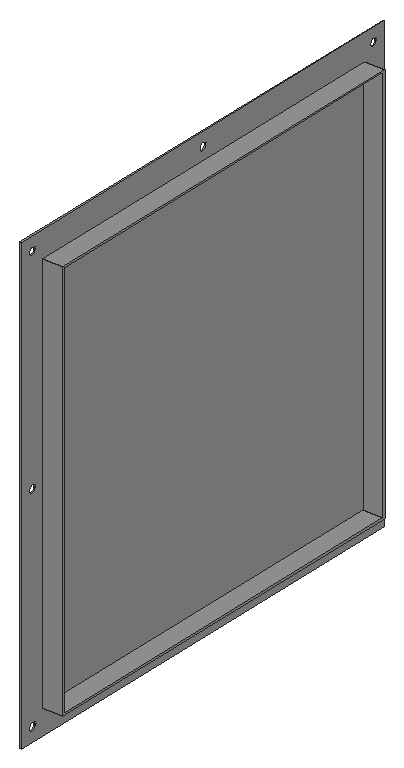
Revit family "РЗ", category Оборудование, Revit 2021
Family settings
  Размер круглого соединителя = Использовать диаметр
  Классификация = Нет
  Тип детали = Нормальный
  На основе рабочей плоскости = Нет
  Всегда вертикально = Да
  При загрузке вырезать с полостями = Нет
  Общий = Нет
  Точка принадлежности помещению = Нет
Parameters (values of type "РЗ 300х300")
  Отметка по умолчанию = 0 mm
  Изготовитель = "Вентс"  # constant formula
  Вага = 0.75 kg
  t = 1 mm  # constant formula
  h = H / 2  # 170 mm
  W = 16.5 mm  # constant formula
  URL = "https://vents.ua/ua/series/rz-protective-grille#description"
  O = if(L < 610 mm, 10 mm, 15 mm)  # 10 mm
  Maintenance zone material = none
  Load Classification = "HVAC"
  L = 340 mm
  H = 340 mm
  Grid Material = Сетка, сталь, гальванизированная
  Casing Material = Сталь, гальванизированная
  L1 = if(L < 610 mm, L - 40 mm, L - 60 mm)  # 300 mm
  H1 = if(L < 610 mm, H - 40 mm, H - 60 mm)  # 300 mm
  09_System_Name [instance] = ""
  00_20_Type = "РЗ 300х300"
  00_20_Name = "Решітка захисна"
  00_20_Manufacturer = "Вентс"  # constant formula
Types (10, lengths in mm): name | Вага | h | O | L | H | L1 | H1 | 00_20_Type
  (no name) | 0.75 kg | 170 | 10 | 340 | 340 | 300 | 300 | "РЗ 300х300"
  РЗ 300х300 | 0.75 kg | 170 | 10 | 340 | 340 | 300 | 300 | "РЗ 300х300"
  РЗ 550х300 | 6.50 kg | 180 | 15 | 610 | 360 | 550 | 300 | "РЗ 550х300"
  РЗ 400х400 | 0.99 kg | 220 | 10 | 440 | 440 | 400 | 400 | "РЗ 400х400"
  РЗ 500х500 | 1.22 kg | 270 | 10 | 540 | 540 | 500 | 500 | "РЗ 500х500"
  РЗ 600х600 | 1.45 kg | 330 | 15 | 660 | 660 | 600 | 600 | "РЗ 600х600"
  РЗ 700х700 | 1.59 kg | 380 | 15 | 760 | 760 | 700 | 700 | "РЗ 700х700"
  РЗ 800х800 | 1.78 kg | 430 | 15 | 860 | 860 | 800 | 800 | "РЗ 800х800"
  РЗ 900х900 | 1.98 kg | 480 | 15 | 960 | 960 | 900 | 900 | "РЗ 900х900"
  РЗ 1000х1000 | 2.21 kg | 530 | 15 | 1060 | 1060 | 1000 | 1000 | "РЗ 1000х1000"
Reference planes
  plane 1 "По центру (Вперед/Назад)": y = 0
  plane 2: z = 0
  plane 3 "По центру (Влево/Вправо)": x = 0
  plane 4: y = 150
  plane 5: y = -150
  plane 6: z = -150
  plane 7: z = 150
  plane 8: z = 160
  plane 9: z = -160
  plane 10: y = 160
  plane 11: y = -160
Forms (mm)
  Sweep 1, solid, material "Сталь, гальванизированная" <- "Casing Material"
    path origin (0, 0, 0) x (0, 1, 0) y (0, 0, 1)
      loop
        line (150, 150) -> (-150, 150) -> (-150, -150) -> (150, -150) -> (150, 150)
    profile origin (0, 0, 150) x (0, 0, -1) y (1, 0, 0)
      loop
        line (0, 0) -> (0, 16.5) -> (-1, 16.5) -> (-1, 1) -> (-20, 1) -> (-20, 0) -> (0, 0)
  Extrusion 2, void
    sketch origin (0, 0, 0) x (0, 1, 0) y (0, 0, 1)
      loop
        circle (160, 160) r 3
      loop
        circle (0, 160) r 3
      loop
        circle (-160, 160) r 3
      loop
        circle (-160, 0) r 3
      loop
        circle (-160, -160) r 3
      loop
        circle (0, -160) r 3
      loop
        circle (160, -160) r 3
      loop
        circle (160, 0) r 3
    from 0 to 1
  Extrusion 3, solid, material "Сетка, сталь, гальванизированная" <- "Grid Material"
    sketch origin (0, 0, 0) x (0, 1, 0) y (0, 0, 1)
      loop
        line (150, 150) -> (-150, 150) -> (-150, -150) -> (150, -150) -> (150, 150)
    from 0 to 1
Cuts and joins
  Extrusion 2 cuts Sweep 1
Dimensions and locks
  equal spacing: plane 7, level, plane 6
  "H1": plane 7 to plane 6
  equal spacing: plane 4, plane 1 "По центру (Вперед/Назад)", plane 5
  "L1": plane 4 to plane 5
  "h": Sweep 1 sketch curve to level
  "t": profile plane to Sweep 1 sketch curve
  "t": Sweep 1 sketch curve to profile plane
  "W": Sweep 1 sketch curve to profile plane
  "O": plane 10 to plane 4
  "O": plane 5 to plane 11
  "O": plane 8 to plane 7
  "O": plane 6 to plane 9
  "t": plane 3 "По центру (Влево/Вправо)" to Extrusion 2
  "t": plane 3 "По центру (Влево/Вправо)" to Extrusion 3
  aligned and locked: level to plane 2
  aligned and locked: plane 7 to Sweep 1 sketch curve
  aligned and locked: Sweep 1 sketch curve to plane 6
  aligned and locked: Sweep 1 sketch curve to plane 5
  aligned and locked: Sweep 1 sketch curve to plane 4
  aligned and locked: Sweep 1 sketch curve to plane 7
  aligned and locked: Extrusion 2 to plane 3 "По центру (Влево/Вправо)"
  aligned and locked: plane 7 to Extrusion 3 sketch curve
  aligned and locked: plane 4 to Extrusion 3 sketch curve
  aligned and locked: Extrusion 3 sketch curve to plane 6
  aligned and locked: plane 5 to Extrusion 3 sketch curve
  aligned and locked: Extrusion 3 to plane 3 "По центру (Влево/Вправо)"
Automatic sketch dimensions
  Extrusion 2 sketch curve to level = 0 mm  (x2)
  Extrusion 2 sketch curve to plane 11 = 0 mm  (x3)
  Extrusion 2 sketch curve to plane 8 = 0 mm  (x3)
  Extrusion 2 sketch curve to plane 9 = 0 mm  (x3)
  Extrusion 2 sketch curve to plane 1 "По центру (Вперед/Назад)" = 0 mm  (x2)
  Extrusion 2 sketch curve to plane 10 = 0 mm  (x3)
  Sweep 1 sketch curve to plane 3 "По центру (Влево/Вправо)" = 0 mm
  radius of Extrusion 2 sketch curve = 3 mm  (x8)
